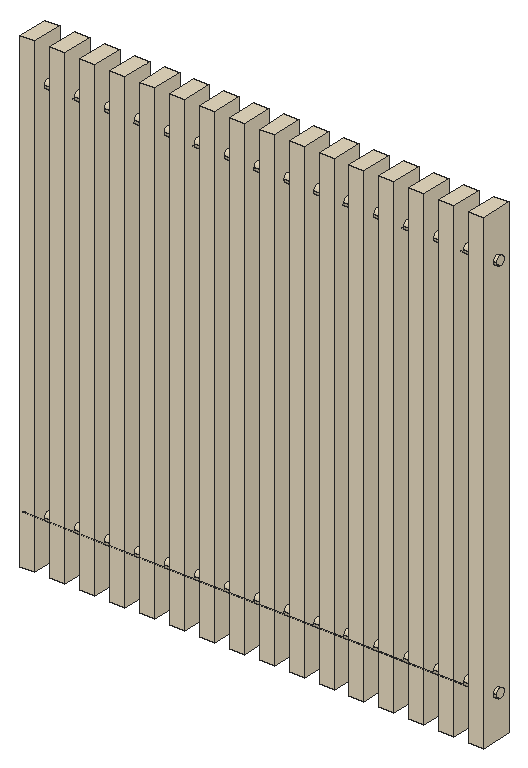
Revit family "HOB_GEN_SilhouetteSlatted", category Generic Models, Revit 2026
Family settings
  Can host rebar = No
  Round Connector Dimension = Use Diameter
  Part Type = Normal
  Work Plane-Based = No
  Always vertical = Yes
  Cut with Voids When Loaded = No
  Maintain Annotation Orientation = No
  Shared = Yes
  Room Calculation Point = No
Parameters (values of type "SilhouetteSlatted_W540xH2330")
  Width [instance] = 540 mm
  URL = "https://houseofbamboo.com.au/"
  TotalCost [instance] = (N. PanelsHorizontal * N.PanelsVertical) * PanelCost  # 300
  Support Rail Material = HOB_Black
  SideOffset = 17 mm
  RailTopOffset = 50 mm
  RailSupportHeight [instance] = 440 mm
  RailBottomOffset = 50 mm
  PanelCost = 300  # constant formula
  NumberOfRails [instance] = roundup((Length - (RailBottomOffset + RailTopOffset)) / 1000 mm) + 1  # 2
  NumberOfBattens [instance] = roundup((Width - 2 * SideOffset) / BattenSpacing) + 1  # 16
  N.PanelsVertical [instance] = roundup(Length / MaxHeight)  # 1
  N. PanelsHorizontal [instance] = roundup(Width / MaxWidth)  # 1
  Model = "Silhouette Slatted"
  MaxWidth = 705 mm  # constant formula
  MaxHeight = 1800 mm  # constant formula
  Manufacturer = "HOB"
  Length [instance] = 540 mm
  Description = "17x35 mm slat / 540/750 mm standard width / 2330/2650 mm Standard height"
  Default Elevation = 0 mm
  Cost = 286
  BattensBottomOffset = 0 mm
  BattensTopOffset = 0 mm
  BattensLength [instance] = Length - (BattensTopOffset + BattensBottomOffset)  # 540 mm
  Battens Material = Bamboo_horizontalGrain
  BattenWidth = 20 mm
  BattenSpacing = 34 mm  # constant formula
  BattenDepth = 20 mm
  BambooVolume [instance] = ((BattenDepth * BattenWidth) * BattensLength) * NumberOfBattens  # 0.003456 m³
Reference planes
  plane 1 "Center (Front/Back)": y = 0
  plane 2: z = 0
  plane 3 "Center (Left/Right)": x = 0
  plane 4: z = 540
  plane 5: z = 50
  plane 6: z = 490
  plane 7: x = -270
  plane 8: x = 270
  plane 9: z = 490
  plane 10: x = -253
  plane 11: x = 253
  plane 12: z = 0
  plane 13: z = 540
  plane 14: x = -219
  plane 15: y = 17.5
Dimensions and locks
  "Length": plane 4 to plane 2
  "RailTopOffset": plane 4 to plane 6
  "RailBottomOffset": plane 5 to level
  equal spacing: plane 8, plane 3 "Center (Left/Right)", plane 7
  "Width": plane 8 to plane 7
  "RailSupportHeight": plane 6 to plane 5
  "SideOffset": plane 7 to plane 10
  "SideOffset": plane 11 to plane 8
  "BattensBottomOffset": plane 12 to plane 2
  "BattensTopOffset": plane 4 to plane 13
  equal spacing: group 2, group 3, group 4, group 5, group 6, group 9, group 10, group 11, group 12, group 13, group 14, group 15, group 16, group 17, group 18, group 19  (x3)
  plane 7 to plane 8 = 540 mm
  nested 1 to plane 14 to nested 3 to nested 4 to nested 5 = 34 mm, 34 mm, 34 mm, 34 mm
  "BattenSpacing": plane 10 to plane 14
  nested 1 to nested 1 = 0 mm
  group 7 to group 8 = 0 mm  (x2)
  group 7 to group 8 = 440 mm
  locked: plane 15 to plane 1 "Center (Front/Back)" at 17.5
  plane 7 to nested 1 = 8.5 mm
  plane 7 to nested 1 to nested 1 to nested 2 = 8.5 mm, 17 mm, 17 mm
  aligned and locked: level to plane 2
  aligned and locked: plane 9 to plane 6
  aligned and locked: plane 12 to nested 1
  aligned and locked: plane 7 to nested 6
  aligned and locked: plane 8 to nested 6
  aligned and locked: plane 5 to nested 6
  aligned and locked: plane 9 to nested 7
  aligned and locked: plane 7 to nested 7
  aligned and locked: nested 7 to plane 15
  aligned and locked: nested 1 to plane 15
  aligned and locked: plane 10 to nested 1
  aligned and locked: plane 14 to nested 2
Nested families
  nested 1: "HOB_Slat" at (-253, 17.5, 0), Length <- "BattensLength", type "HOB_17x35_Slat"
    with Length 540 mm, Bamboo Volume 0.0003213 m³
  nested 2: "HOB_Slat" at (-219, 17.5, 0), Length <- "BattensLength", type "HOB_17x35_Slat"
    with Length 540 mm, Bamboo Volume 0.0003213 m³
  nested 3: "HOB_Slat" at (-185, 17.5, 0), Length <- "BattensLength", type "HOB_17x35_Slat"
    with Length 540 mm, Bamboo Volume 0.0003213 m³
  nested 4: "HOB_Slat" at (-151, 17.5, 0), Length <- "BattensLength", type "HOB_17x35_Slat"
    with Length 540 mm, Bamboo Volume 0.0003213 m³
  nested 5: "HOB_Slat" at (-117, 17.5, 0), Length <- "BattensLength", type "HOB_17x35_Slat"
    with Length 540 mm, Bamboo Volume 0.0003213 m³
  nested 6: "rod support" at (-270, 17.5, 50), support length <- "Width", type "rod support"
    with support length 540 mm
  nested 7: "rod support" at (-270, 17.5, 490), support length <- "Width", type "rod support"
    with support length 540 mm
  nested 8: "HOB_Slat" at (-83, 17.5, 0), Length <- "BattensLength", type "HOB_17x35_Slat"
    with Length 540 mm, Bamboo Volume 0.0003213 m³
  nested 9: "HOB_Slat" at (-49, 17.5, 0), Length <- "BattensLength", type "HOB_17x35_Slat"
    with Length 540 mm, Bamboo Volume 0.0003213 m³
  nested 10: "HOB_Slat" at (-15, 17.5, 0), Length <- "BattensLength", type "HOB_17x35_Slat"
    with Length 540 mm, Bamboo Volume 0.0003213 m³
  nested 11: "HOB_Slat" at (19, 17.5, 0), Length <- "BattensLength", type "HOB_17x35_Slat"
    with Length 540 mm, Bamboo Volume 0.0003213 m³
  nested 12: "HOB_Slat" at (53, 17.5, 0), Length <- "BattensLength", type "HOB_17x35_Slat"
    with Length 540 mm, Bamboo Volume 0.0003213 m³
  nested 13: "HOB_Slat" at (87, 17.5, 0), Length <- "BattensLength", type "HOB_17x35_Slat"
    with Length 540 mm, Bamboo Volume 0.0003213 m³
  nested 14: "HOB_Slat" at (121, 17.5, 0), Length <- "BattensLength", type "HOB_17x35_Slat"
    with Length 540 mm, Bamboo Volume 0.0003213 m³
  nested 15: "HOB_Slat" at (155, 17.5, 0), Length <- "BattensLength", type "HOB_17x35_Slat"
    with Length 540 mm, Bamboo Volume 0.0003213 m³
  nested 16: "HOB_Slat" at (189, 17.5, 0), Length <- "BattensLength", type "HOB_17x35_Slat"
    with Length 540 mm, Bamboo Volume 0.0003213 m³
  nested 17: "HOB_Slat" at (223, 17.5, 0), Length <- "BattensLength", type "HOB_17x35_Slat"
    with Length 540 mm, Bamboo Volume 0.0003213 m³
  nested 18: "HOB_Slat" at (257, 17.5, 0), Length <- "BattensLength", type "HOB_17x35_Slat"
    with Length 540 mm, Bamboo Volume 0.0003213 m³
Definition of nested family "HOB_Slat"
  Parameters (values of type "HOB_20X20_Slat")
    URL = "https://houseofbamboo.com.au/?srsltid=AfmBOopKvmLmijiXSDxFseqwisUoSKTFilojyS4sN3lgOhkDU0dI4o05"
    Type Comments = "20x20 mm Laminated Bamboo Batten"
    Manufacturer = "House Of Bamboo"
    Length [instance] = 871.114 mm
    Default Elevation = 0 mm
    BattenWidth = 20 mm
    BattenMAterial = none
    BattenDepth = 20 mm
    Bamboo Volume [instance] = (BattenDepth * BattenWidth) * Length  # 0.000348445 m³
  Types (5, lengths in mm): name | BattenWidth | BattenDepth | Bamboo Volume
    HOB_20X20_Slat | 20 | 20 | 0.000348445 m³
    HOB_30X38_Slat | 30 | 38 | 0.00099307 m³
    HOB_30X60_Slat | 30 | 60 | 0.001568 m³
    HOB_17x35_Slat | 17 | 35 | 0.000518313 m³
    HOB_38X30_Slat | 38 | 30 | 0.00099307 m³
  Reference planes
    plane 1 "Center (Front/Back)": y = 0
    plane 2: z = 0
    plane 3 "Center (Left/Right)": x = 0
    plane 4: x = -10
    plane 5: x = 10
    plane 6: y = 10
    plane 7: y = -10
    plane 8: z = 871.114
  Forms (mm)
    Extrusion 1, solid, material <- "BattenMAterial"
      sketch origin (0, 0, 0) x (1, 0, 0) y (0, 1, 0)
        loop
          line (-10, -10) -> (10, -10) -> (10, 10) -> (-10, 10) -> (-10, -10)
      from 0 to 871.114
  Dimensions and locks
    equal spacing: plane 7, plane 1 "Center (Front/Back)", plane 6
    equal spacing: plane 4, plane 3 "Center (Left/Right)", plane 5
    "BattenWidth": plane 4 to plane 5
    "BattenDepth": plane 6 to plane 7
    "Length": plane 8 to plane 2
    aligned and locked: level to plane 2
    aligned and locked: Extrusion 1 sketch curve to plane 7
    aligned and locked: Extrusion 1 sketch curve to plane 4
    aligned and locked: Extrusion 1 sketch curve to plane 6
    aligned and locked: Extrusion 1 sketch curve to plane 5
    aligned and locked: plane 8 to Extrusion 1
Definition of nested family "rod support"
  Parameters (values of type "rod support")
    support length [instance] = 452.927 mm
    Rod = none
    Default Elevation = 0 mm
  Reference planes
    plane 1 "Center (Front/Back)": y = 0
    plane 2: z = 0
    plane 3 "Center (Left/Right)": x = 0
    plane 4: x = 452.927
  Forms (mm)
    Extrusion 1, solid, material <- "Rod"
      sketch origin (0, 0, 0) x (0, 1, 0) y (0, 0, 1)
        loop
          circle (0, 0) r 5
      from 0 to 452.927
  Dimensions and locks
    "support length": plane 3 "Center (Left/Right)" to plane 4
    aligned and locked: level to plane 2
    aligned and locked: plane 4 to Extrusion 1
    aligned and locked: Extrusion 1 to plane 3 "Center (Left/Right)"
  Automatic sketch dimensions
    Extrusion 1 sketch curve to level = 0 mm
    Extrusion 1 sketch curve to plane 1 "Center (Front/Back)" = 0 mm
    radius of Extrusion 1 sketch curve = 5 mm
